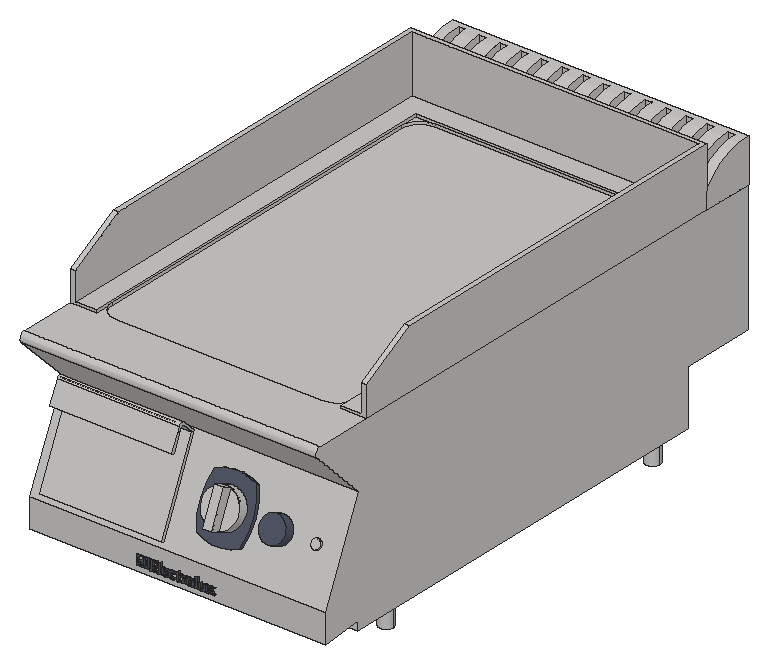
Revit family "QF_ELECTROLUXPROFESSIONAL_371411_E7IIKTAOMCI", category Attrezzature speciali, Revit 2018
Family settings
  Quota connettore circolare = Usa diametro
  Tipo di parte = Normale
  Basato su piano di lavoro = No
  Sempre verticale = Sì
  Taglio con vuoti quando caricato = No
  Condiviso = No
  Punto di calcolo locali = No
Parameters (values of type "Standard")
  Weight = 40.00 kg
  Watts = 0 W
  Volts = 0 V
  URL Manufacturer = "https://www.electroluxprofessional.com/"
  URL = "https://www.electroluxprofessional.com/"
  Steam Supply Size = 0"
  Steam Supply Minimum Pressure = 0.00 psi
  Steam Supply Maximum Pressure = 0.00 psi
  Steam Consumption per Hour = 0
  Show Logo [instance] = yes
  Show Clearance [instance] = yes
  Refrigeration Suction Line Size = 0 mm
  Refrigeration Liquid Line Size = 0 mm
  Refrigerant Compressor Remote = yes
  Phase = 0
  Modello = "E7IIKTAOMCI"
  Produttore = "Electrolux Professional"
  Length Actual = 400 mm  # constant formula
  Item Number = "371411"
  Hot Water Size = 0"
  Height Actual = 250 mm  # constant formula
  HP = "0 HP"
  Gas Size = 1/2"
  Gas KW = 7
  Gas Input Pressure = 0.234579 Btu/h
  Direct Waste Size = 0"
  Descrizione = "GAS FRY TOP-SMOOTH PLATE 400MM-BRUSHED CHROME - QMARK"
  Depth Actual = 730 mm  # constant formula
  Cycle = 0 Hz
  Condensate Return Size = 0"
  Compressed Air Volume = 0 GPM
  Compressed Air Size = 0"
  Compressed Air Pressure = 0.00 psi
  Cold Water Size = 0"
  Base Height [instance] = 23.813 mm  # constant formula
  Assembly Code = ""
  Accessory = yes
Values of the unnamed type that differ from the named types
  Weight = 0.00 kg
  URL Manufacturer = ""
  Item Number = ""
  HP = ""
  Gas KW = 0
  Gas Input Pressure = 0.0 Btu/h
Reference planes
  plane 1 "BACK": y = 0
  plane 2: z = 0
  plane 3 "LEFT": x = 0
  plane 4 "RIGHT": x = 400.05
  plane 5 "FRONT": y = -730.25
  plane 6 "TOP": z = 288.925
  plane 7 "Center Y": x = 200.025
  plane 8 "Center X": y = -365.125
  plane 9 "BASE": z = 23.813
  plane 10 "TOP A": z = 274.638
  plane 11: y = -597.884
  plane 12: y = -147.637
  plane 13: z = 355
Forms (mm)
  Extrusion 1, solid, material "QF_Finishes_Stainless Steel"
    sketch origin (0, 0, 0) x (0, 1, 0) y (0, 0, 1)
      loop
        line (0, 274.638) -> (-722.794, 274.638)
        arc (-722.794, 274.638) -> (-729.611, 270.083) -> (-728.011, 262.042) r 7.378
        line (-728.011, 262.042) -> (-657.416, 191.447) -> (-713.772, 69.003) -> (-713.772, 30.903) -> (-660.4, 36.513) -> (-660.4, 23.812) -> (-101.6, 23.812) -> (-101.6, 98.425) -> (0, 98.425) -> (0, 274.638)
    from 0 to 400.05
  Extrusion 2, void
    sketch origin (0, -2.381, 274.638) x (-1, 0, 0) y (0, -1, 0)
      loop
        arc (-60.425, 102.504) -> (-42.464, 109.943) -> (-35.025, 127.904) r 25.4
        line (-35.025, 127.904) -> (-35.025, 617.104)
        arc (-35.025, 617.104) -> (-42.464, 635.064) -> (-60.425, 642.504) r 25.4
        line (-60.425, 642.504) -> (-339.625, 642.504)
        arc (-339.625, 642.504) -> (-357.586, 635.064) -> (-365.025, 617.104) r 25.4
        line (-365.025, 617.104) -> (-365.025, 127.904)
        arc (-365.025, 127.904) -> (-357.586, 109.943) -> (-339.625, 102.504) r 25.4
        line (-339.625, 102.504) -> (-60.425, 102.504)
    from 0 to -3.2
  Extrusion 3, solid, material "QF_Finishes_Stainless Steel"
    sketch origin (0, 0, 0) x (1, 0, 0) y (0, 1, 0)
      loop
        circle (11.112, -147.638) r 9.525
      loop
        circle (11.112, -597.884) r 9.525
      loop
        circle (388.937, -147.638) r 9.525
      loop
        circle (388.937, -597.884) r 9.525
    from 0 to 23.813
  Extrusion 4, solid, material "QF_Finishes_Navy Blue", visible <- "Show Logo"
    sketch origin (-141.676, -713.772, 30.903) x (0, 0, 1) y (-1, 0, 0)
      loop
        line (20.674, -296.698) -> (8.307, -296.698)
        arc (8.307, -296.698) -> (14.491, -301.27) -> (20.674, -296.698) r 6.467
      loop
        arc (20.674, -296.069) -> (19.505, -290.926) -> (14.849, -288.448) r 6.338
        line (14.849, -288.448) -> (14.849, -290.494)
        arc (14.849, -290.494) -> (16.333, -294.149) -> (19.778, -296.069) r 5.941
        line (19.778, -296.069) -> (20.674, -296.069)
      loop
        arc (9.203, -296.069) -> (12.648, -294.149) -> (14.132, -290.494) r 5.941
        line (14.132, -290.494) -> (14.132, -288.448)
        arc (14.132, -288.448) -> (9.438, -290.922) -> (8.148, -296.069) r 6.504
        line (8.148, -296.069) -> (9.203, -296.069)
      loop
        line (21.349, -287.979) -> (7.604, -287.979) -> (7.604, -301.742) -> (21.349, -301.742) -> (21.349, -287.979)
      loop
        arc (21.432, -304.71) -> (21.085, -304.352) -> (20.718, -304.69) r 0.358
        arc (20.718, -304.69) -> (20.404, -305.44) -> (19.687, -305.825) r 1.216
        line (19.687, -305.825) -> (9.274, -305.825)
        arc (9.274, -305.825) -> (8.614, -305.548) -> (8.218, -304.951) r 1.238
        arc (8.218, -304.951) -> (7.823, -304.7) -> (7.518, -305.054) r 0.358
        line (7.518, -305.054) -> (7.518, -314.933) -> (10.269, -314.933) -> (10.269, -314.036)
        arc (10.269, -314.036) -> (9.36, -313.456) -> (8.904, -312.479) r 1.928
        line (8.904, -312.479) -> (8.904, -309.98)
        arc (8.904, -309.98) -> (9.18, -309.251) -> (9.868, -308.887) r 1.101
        line (9.868, -308.887) -> (13.955, -308.887) -> (13.955, -312.561)
        arc (13.955, -312.561) -> (13.602, -313.058) -> (13.037, -313.286) r 1.083
        arc (13.037, -313.286) -> (12.773, -313.591) -> (13.065, -313.869) r 0.292
        line (13.065, -313.869) -> (16.028, -313.869)
        arc (16.028, -313.869) -> (16.33, -313.596) -> (16.092, -313.266) r 0.305
        arc (16.092, -313.266) -> (15.601, -313.018) -> (15.296, -312.561) r 1.083
        line (15.296, -312.561) -> (15.296, -308.887) -> (19.973, -308.887) -> (19.973, -312.635)
        arc (19.973, -312.635) -> (19.759, -313.39) -> (19.153, -313.888) r 1.314
        arc (19.153, -313.888) -> (18.934, -314.292) -> (19.288, -314.585) r 0.361
        line (19.288, -314.585) -> (21.432, -314.585) -> (21.432, -304.71)
      loop
        arc (20.715, -315.365) -> (20.335, -316.284) -> (19.416, -316.664) r 1.299
        line (19.416, -316.664) -> (9.837, -316.664)
        arc (9.837, -316.664) -> (8.999, -316.286) -> (8.728, -315.408) r 1.118
        line (8.728, -315.408) -> (7.518, -315.408) -> (7.518, -320.758) -> (8.706, -320.758)
        arc (8.706, -320.758) -> (8.978, -319.841) -> (9.848, -319.445) r 1.153
        line (9.848, -319.445) -> (21.92, -319.445) -> (20.715, -315.365)
      loop
        line (12.483, -323.394) -> (12.483, -329.842) -> (13.282, -329.842)
        arc (13.282, -329.842) -> (15.862, -328.857) -> (17.131, -326.404) r 3.874
        line (17.131, -326.404) -> (17.131, -324.643)
        arc (17.131, -324.643) -> (15.944, -321.778) -> (13.08, -320.592) r 4.051
        line (13.08, -320.592) -> (11.072, -320.592)
        arc (11.072, -320.592) -> (8.253, -322.077) -> (7.202, -325.084) r 4.352
        arc (7.202, -325.084) -> (7.566, -327.547) -> (8.943, -329.621) r 5.713
        line (8.943, -329.621) -> (9.892, -329.621)
        arc (9.892, -329.621) -> (9.16, -328.052) -> (8.943, -326.334) r 5.579
        arc (8.943, -326.334) -> (9.737, -324.371) -> (11.616, -323.394) r 3.057
        line (11.616, -323.394) -> (12.483, -323.394)
      loop
        line (13.742, -323.394) -> (13.742, -326.977)
        arc (13.742, -326.977) -> (15.199, -327.024) -> (16.082, -325.864) r 1.59
        line (16.082, -325.864) -> (16.082, -325.034)
        arc (16.082, -325.034) -> (15.217, -323.779) -> (13.742, -323.394) r 2.184
      loop
        arc (16.533, -339.259) -> (17.022, -337.585) -> (17.179, -335.848) r 9.023
        line (17.179, -335.848) -> (17.179, -334.486)
        arc (17.179, -334.486) -> (16.02, -331.686) -> (13.22, -330.527) r 3.959
        line (13.22, -330.527) -> (10.62, -330.527)
        arc (10.62, -330.527) -> (8.338, -331.819) -> (7.221, -334.192) r 4.331
        line (7.221, -334.192) -> (7.221, -336.327)
        arc (7.221, -336.327) -> (7.729, -337.877) -> (8.651, -339.223) r 5.772
        arc (8.651, -339.223) -> (9.412, -339.274) -> (9.499, -338.515) r 0.553
        arc (9.499, -338.515) -> (9.111, -337.781) -> (8.977, -336.962) r 2.573
        line (8.977, -336.962) -> (8.977, -335.447)
        arc (8.977, -335.447) -> (9.983, -333.806) -> (11.798, -333.163) r 2.884
        line (11.798, -333.163) -> (13.077, -333.163)
        arc (13.077, -333.163) -> (14.898, -333.723) -> (15.824, -335.388) r 2.554
        line (15.824, -335.388) -> (15.824, -336.441)
        arc (15.824, -336.441) -> (15.493, -337.369) -> (14.836, -338.104) r 2.564
        arc (14.836, -338.104) -> (14.614, -338.821) -> (15.223, -339.259) r 0.643
        line (15.223, -339.259) -> (16.533, -339.259)
      loop
        line (15.515, -339.53) -> (15.515, -341.031) -> (9.467, -341.031)
        arc (9.467, -341.031) -> (7.879, -341.688) -> (7.221, -343.276) r 2.246
        line (7.221, -343.276) -> (7.221, -344.86)
        arc (7.221, -344.86) -> (7.535, -345.725) -> (8.035, -346.496) r 4.06
        arc (8.035, -346.496) -> (8.768, -346.629) -> (9.019, -345.928) r 0.576
        arc (9.019, -345.928) -> (8.913, -345.403) -> (8.977, -344.87) r 1.69
        arc (8.977, -344.87) -> (9.519, -344.082) -> (10.425, -343.779) r 1.506
        line (10.425, -343.779) -> (15.563, -343.779) -> (15.563, -346.176) -> (16.119, -346.733) -> (16.941, -346.733) -> (16.941, -343.873) -> (20.172, -343.873) -> (15.515, -339.53)
      loop
        line (7.438, -347.63) -> (7.438, -353.017) -> (8.548, -353.017)
        arc (8.548, -353.017) -> (8.942, -352.066) -> (9.893, -351.672) r 1.345
        line (9.893, -351.672) -> (13.509, -351.672)
        arc (13.509, -351.672) -> (14.274, -352.264) -> (14.564, -353.186) r 1.615
        line (14.564, -353.186) -> (14.564, -354.742) -> (17.119, -355.427) -> (17.119, -354.044) -> (15.177, -351.485) -> (17.057, -351.485) -> (16.773, -348.779)
        arc (16.773, -348.779) -> (16.333, -348.249) -> (15.674, -348.45) r 0.621
        arc (15.674, -348.45) -> (15.274, -348.792) -> (14.78, -348.975) r 1.501
        line (14.78, -348.975) -> (9.893, -348.975)
        arc (9.893, -348.975) -> (8.942, -348.581) -> (8.548, -347.63) r 1.345
        line (8.548, -347.63) -> (7.438, -347.63)
      loop
        line (13.54, -354.964) -> (10.848, -354.964)
        arc (10.848, -354.964) -> (8.403, -356.272) -> (7.269, -358.803) r 4.288
        arc (7.269, -358.803) -> (7.205, -360.183) -> (7.269, -361.563) r 15.022
        arc (7.269, -361.563) -> (8.403, -364.094) -> (10.848, -365.401) r 4.288
        line (10.848, -365.401) -> (13.54, -365.401)
        arc (13.54, -365.401) -> (15.986, -364.094) -> (17.119, -361.563) r 4.288
        arc (17.119, -361.563) -> (17.183, -360.183) -> (17.119, -358.803) r 15.022
        arc (17.119, -358.803) -> (15.986, -356.272) -> (13.54, -354.964) r 4.288
      loop
        line (13.745, -358.078) -> (10.643, -358.078)
        arc (10.643, -358.078) -> (8.486, -360.235) -> (10.643, -362.392) r 2.157
        line (10.643, -362.392) -> (13.745, -362.392)
        arc (13.745, -362.392) -> (15.902, -360.235) -> (13.745, -358.078) r 2.157
      loop
        arc (20.726, -365.26) -> (20.355, -366.154) -> (19.461, -366.524) r 1.264
        line (19.461, -366.524) -> (9.597, -366.524)
        arc (9.597, -366.524) -> (8.727, -366.127) -> (8.455, -365.211) r 1.153
        line (8.455, -365.211) -> (7.518, -365.211) -> (7.518, -370.319) -> (8.446, -370.319)
        arc (8.446, -370.319) -> (8.805, -369.547) -> (9.597, -369.232) r 1.153
        line (9.597, -369.232) -> (21.92, -369.232) -> (20.726, -365.26)
      loop
        arc (15.846, -369.857) -> (15.647, -370.921) -> (14.678, -371.403) r 1.215
        line (14.678, -371.403) -> (9.658, -371.403)
        arc (9.658, -371.403) -> (8.043, -372.051) -> (7.322, -373.634) r 2.338
        line (7.322, -373.634) -> (7.322, -375.148)
        arc (7.322, -375.148) -> (7.497, -376.152) -> (7.999, -377.038) r 2.979
        line (7.999, -377.038) -> (7.518, -378.835) -> (7.518, -380.524) -> (16.943, -380.524) -> (16.649, -376.32) -> (15.863, -376.32)
        arc (15.863, -376.32) -> (15.507, -377.156) -> (14.755, -377.665) r 1.605
        line (14.755, -377.665) -> (9.652, -377.665)
        arc (9.652, -377.665) -> (9.232, -376.728) -> (9.159, -375.704) r 2.94
        arc (9.159, -375.704) -> (9.72, -374.603) -> (10.873, -374.16) r 1.724
        line (10.873, -374.16) -> (17.07, -374.16) -> (15.846, -369.857)
      loop
        line (16.874, -381.377) -> (15.202, -383.423) -> (12.028, -385.729) -> (8.572, -382.617)
        arc (8.572, -382.617) -> (8.335, -382.223) -> (8.357, -381.764) r 0.789
        line (8.357, -381.764) -> (7.518, -381.764) -> (7.518, -385.309) -> (8.344, -385.309)
        arc (8.344, -385.309) -> (8.686, -384.947) -> (9.176, -385.039) r 0.52
        line (9.176, -385.039) -> (10.976, -386.51) -> (8.858, -387.886)
        arc (8.858, -387.886) -> (8.457, -387.576) -> (8.37, -387.076) r 0.7
        line (8.37, -387.076) -> (7.518, -387.076) -> (7.518, -393.003) -> (8.405, -393.003)
        arc (8.405, -393.003) -> (8.472, -392.344) -> (8.866, -391.813) r 1.247
        line (8.866, -391.813) -> (13.066, -388.532) -> (15.513, -390.585) -> (16.874, -392.327) -> (16.874, -388.604) -> (15.389, -389.026) -> (13.868, -387.749) -> (15.568, -386.559) -> (16.874, -387.336) -> (16.874, -381.377)
    from 0 to 1.644
  Extrusion 5, solid, material "QF_Finishes_Stainless Steel"
    sketch origin (0, -101.6, 101.6) x (0, 0, -1) y (-1, 0, 0)
      loop
        circle (43.882, -347.663) r 6.35
    from 0 to 3.175
  Extrusion 6, solid, material "QF_Finishes_Clearance", visible <- "Show Clearance", detail levels coarse
    sketch origin (0, 0, 0) x (1, 0, 0) y (0, 1, 0)
      loop
        line (0, -730.25) -> (0, 0) -> (400.05, 0) -> (400.05, -730.25) -> (550.069, -730.25) -> (550.069, 150.019) -> (-150.019, 150.019) -> (-150.019, -730.25) -> (0, -730.25)
    from 0 to 355
  Extrusion 7, solid, material "QF_Finishes_Stainless Steel"
    sketch origin (0, 0, 0) x (0, 1, 0) y (0, 0, 1)
      loop
        line (-658.831, 188.372) -> (-675.238, 204.778)
        arc (-675.238, 204.778) -> (-679.705, 206.181) -> (-683.409, 203.316) r 5.058
        line (-683.409, 203.316) -> (-696.071, 175.806) -> (-693.187, 174.479) -> (-680.525, 201.989)
        arc (-680.525, 201.989) -> (-679.146, 203.055) -> (-677.483, 202.533) r 1.883
        line (-677.483, 202.533) -> (-662.64, 187.69) -> (-713.474, 77.245) -> (-710.589, 75.918) -> (-658.831, 188.372)
    from 12.7 to 177.8
  Extrusion 8, solid, material "QF_Finishes_Drawer Clearance", visible <- "Show Clearance", detail levels coarse
    sketch origin (0, -101.6, 0) x (0, 1, 0) y (0, 0, 1)
      loop
        line (-660.751, 174.479) -> (-648.089, 201.989)
        arc (-648.089, 201.989) -> (-646.71, 203.055) -> (-645.046, 202.533) r 1.883
        line (-645.046, 202.533) -> (-630.204, 187.69) -> (-681.037, 77.245) -> (-678.153, 75.918) -> (-608.989, 75.918) -> (-557.231, 188.372) -> (-573.638, 204.778)
        arc (-573.638, 204.778) -> (-574.873, 205.685) -> (-576.323, 206.181) r 5.058
        line (-576.323, 206.181) -> (-647.269, 206.181)
        arc (-647.269, 206.181) -> (-649.472, 205.203) -> (-650.973, 203.316) r 5.058
        line (-650.973, 203.316) -> (-663.635, 175.806) -> (-660.751, 174.479)
    from 12.7 to 177.8
  Extrusion 9, solid, material "QF_Finishes_Stainless Steel"
    sketch origin (0, 0, 0) x (0, 1, 0) y (0, 0, 1)
      loop
        line (0, 274.638) -> (0, 333.375)
        arc (0, 333.375) -> (-38.879, 324.991) -> (-69.85, 300.038) r 86.156
        line (-69.85, 300.038) -> (-69.85, 274.638) -> (0, 274.638)
    from 0 to 400.05
  Extrusion 10, void
    sketch origin (0, 0, 274.638) x (-1, 0, 0) y (0, -1, 0)
      loop
        line (-13.453, 6.761) -> (-13.453, 63.911) -> (-22.749, 63.911) -> (-22.749, 6.761) -> (-13.453, 6.761)
    from 25.4 to 63.5
  Extrusion 11, void
    sketch origin (400.05, 0, 274.638) x (1, 0, 0) y (0, 1, 0)
      loop
        line (-13.453, -6.761) -> (-22.749, -6.761) -> (-22.749, -63.911) -> (-13.453, -63.911) -> (-13.453, -6.761)
    from 25.4 to 63.5
  Extrusion 12, void
    sketch origin (27.988, 0, 274.638) x (-1, 0, 0) y (0, -1, 0)
      loop
        line (-13.453, 6.761) -> (-13.453, 63.911) -> (-22.749, 63.911) -> (-22.749, 6.761) -> (-13.453, 6.761)
    from 25.4 to 63.5
  Extrusion 13, void
    sketch origin (55.977, 0, 274.638) x (-1, 0, 0) y (0, -1, 0)
      loop
        line (-13.453, 6.761) -> (-13.453, 63.911) -> (-22.749, 63.911) -> (-22.749, 6.761) -> (-13.453, 6.761)
    from 25.4 to 63.5
  Extrusion 14, void
    sketch origin (83.965, 0, 274.638) x (-1, 0, 0) y (0, -1, 0)
      loop
        line (-13.453, 6.761) -> (-13.453, 63.911) -> (-22.749, 63.911) -> (-22.749, 6.761) -> (-13.453, 6.761)
    from 25.4 to 63.5
  Extrusion 15, void
    sketch origin (111.953, 0, 274.638) x (-1, 0, 0) y (0, -1, 0)
      loop
        line (-13.453, 6.761) -> (-13.453, 63.911) -> (-22.749, 63.911) -> (-22.749, 6.761) -> (-13.453, 6.761)
    from 25.4 to 63.5
  Extrusion 16, void
    sketch origin (139.942, 0, 274.638) x (-1, 0, 0) y (0, -1, 0)
      loop
        line (-13.453, 6.761) -> (-13.453, 63.911) -> (-22.749, 63.911) -> (-22.749, 6.761) -> (-13.453, 6.761)
    from 25.4 to 63.5
  Extrusion 17, void
    sketch origin (167.93, 0, 274.638) x (-1, 0, 0) y (0, -1, 0)
      loop
        line (-13.453, 6.761) -> (-13.453, 63.911) -> (-22.749, 63.911) -> (-22.749, 6.761) -> (-13.453, 6.761)
    from 25.4 to 63.5
  Extrusion 18, void
    sketch origin (195.918, 0, 274.638) x (-1, 0, 0) y (0, -1, 0)
      loop
        line (-13.453, 6.761) -> (-13.453, 63.911) -> (-22.749, 63.911) -> (-22.749, 6.761) -> (-13.453, 6.761)
    from 25.4 to 63.5
  Extrusion 19, void
    sketch origin (223.907, 0, 274.638) x (-1, 0, 0) y (0, -1, 0)
      loop
        line (-13.453, 6.761) -> (-13.453, 63.911) -> (-22.749, 63.911) -> (-22.749, 6.761) -> (-13.453, 6.761)
    from 25.4 to 63.5
  Extrusion 20, void
    sketch origin (251.895, 0, 274.638) x (-1, 0, 0) y (0, -1, 0)
      loop
        line (-13.453, 6.761) -> (-13.453, 63.911) -> (-22.749, 63.911) -> (-22.749, 6.761) -> (-13.453, 6.761)
    from 25.4 to 63.5
  Extrusion 21, void
    sketch origin (279.884, 0, 274.638) x (-1, 0, 0) y (0, -1, 0)
      loop
        line (-13.453, 6.761) -> (-13.453, 63.911) -> (-22.749, 63.911) -> (-22.749, 6.761) -> (-13.453, 6.761)
    from 25.4 to 63.5
  Extrusion 22, void
    sketch origin (307.872, 0, 274.638) x (-1, 0, 0) y (0, -1, 0)
      loop
        line (-13.453, 6.761) -> (-13.453, 63.911) -> (-22.749, 63.911) -> (-22.749, 6.761) -> (-13.453, 6.761)
    from 25.4 to 63.5
  Extrusion 23, void
    sketch origin (335.86, 0, 274.638) x (-1, 0, 0) y (0, -1, 0)
      loop
        line (-13.453, 6.761) -> (-13.453, 63.911) -> (-22.749, 63.911) -> (-22.749, 6.761) -> (-13.453, 6.761)
    from 25.4 to 63.5
  Sweep 24, solid, material "QF_Finishes_Stainless Steel"
    path origin (0, -2.381, 274.638) x (-1, 0, 0) y (0, -1, 0)
      loop
        line (-365.025, 642.504) -> (-365.025, 102.504) -> (-35.025, 102.504) -> (-35.025, 642.504)
    profile origin (35.025, -374.885, 274.638) x (1, 0, 0) y (0, 0, 1)
      loop
        line (-35.025, 0) -> (0, 0) -> (0, 3.175) -> (-28.675, 3.175) -> (-28.675, 80.363) -> (-35.025, 80.362) -> (-35.025, 0)
  Extrusion 25, void
    sketch origin (0, -69.86, 274.638) x (0, 1, 0) y (0, 0, 1)
      loop
        line (-575.025, 40.481) -> (-501.995, 80.363) -> (-575.025, 80.363) -> (-575.025, 40.481)
    from 0 to 6.35
  Extrusion 26, void
    sketch origin (400.05, -644.885, 274.638) x (0, -1, 0) y (0, 0, 1)
      loop
        line (0, 40.481) -> (0, 80.362) -> (-73.03, 80.362) -> (0, 40.481)
    from 0 to 6.35
  Extrusion 27, solid, material "QF_Finishes_Navy Blue"
    sketch origin (85.294, -713.772, 69.003) x (0, 0.418102, 0.9084) y (-1, 0, 0)
      loop
        arc (102.623, -132.62) -> (67.041, -124.996) -> (31.333, -132.003) r 90.5
        arc (31.333, -132.003) -> (24.507, -161.19) -> (31.333, -190.378) r 65.817
        arc (31.333, -190.378) -> (67.04, -197.338) -> (102.623, -189.765) r 91.066
        arc (102.623, -189.765) -> (109.179, -161.193) -> (102.623, -132.62) r 65.546
    from 0 to 3.175
  Extrusion 28, solid, material "QF_Finishes_Stainless Steel"
    sketch origin (85.294, -717.485, 68.529) x (0, 0.418102, 0.9084) y (-1, 0, 0)
      loop
        circle (68.826, -160.963) r 25.4
    from 0 to 12.7
  Extrusion 29, solid, material "QF_Finishes_Stainless Steel"
    sketch origin (85.294, -729.022, 73.839) x (0, 0.418102, 0.9084) y (-1, 0, 0)
      loop
        arc (93.558, -166.749) -> (94.226, -160.963) -> (93.558, -155.177) r 25.4
        line (93.558, -155.177) -> (44.094, -155.177)
        arc (44.094, -155.177) -> (43.426, -160.963) -> (44.094, -166.749) r 25.4
        line (44.094, -166.749) -> (93.558, -166.749)
    from 0 to 12.7
  Extrusion 30, solid, material "QF_Finishes_Navy Blue"
    sketch origin (0, -713.772, 69.003) x (0, 0.418102, 0.9084) y (-1, 0, 0)
      loop
        circle (65.471, -315.169) r 17.78
    from 0 to 12.7
  Extrusion 31, solid, material "QF_Finishes_Stainless Steel"
    sketch origin (0, -713.772, 69.003) x (0, 0.418102, 0.9084) y (-1, 0, 0)
      loop
        circle (65.471, -365.969) r 6.35
    from 0 to 1.588
Cuts and joins
  Extrusion 2 cuts Extrusion 1
  Extrusion 10, Extrusion 11, Extrusion 12, Extrusion 13, Extrusion 14, Extrusion 15, Extrusion 16, Extrusion 17, Extrusion 18, Extrusion 19, Extrusion 20, Extrusion 21, Extrusion 22, Extrusion 23 cuts Extrusion 9
  Extrusion 25, Extrusion 26 cuts Sweep 24
Lines and regions (mm)
  symbolic lines, style "QF-Clearances", visible <- "Show Clearance", detail levels coarse
    curve 1: line (-150.019, 150.019, 274.638) -> (-150.019, -730.25, 274.638)
    curve 2: line (550.069, 150.019, 274.638) -> (-150.019, 150.019, 274.638)
    curve 3: line (550.069, -731.627, 274.638) -> (550.069, 150.019, 274.638)
  symbolic lines
    curve 4: line (0, 0, 274.638) -> (400.05, 0, 274.638)
    curve 5: line (0, -730.25, 274.638) -> (0, 0, 274.638)
    curve 6: line (400.05, 0, 274.638) -> (400.05, -730.25, 274.638)
    curve 7: line (35.025, -130.285, 274.638) -> (35.025, -644.885, 274.638)
    curve 8: arc (35.025, -619.485, 274.638) -> (42.464, -637.445, 274.638) -> (60.425, -644.885, 274.638) r 25.4
    curve 9: line (0, -644.885, 274.638) -> (35.025, -644.885, 274.638)
    curve 10: arc (339.625, -644.885, 274.638) -> (357.586, -637.445, 274.638) -> (365.025, -619.485, 274.638) r 25.4
    curve 11: line (365.025, -644.885, 274.638) -> (365.025, -130.285, 274.638)
    curve 12: line (339.625, -104.885, 274.638) -> (60.425, -104.885, 274.638)
    curve 13: line (0, -69.85, 274.638) -> (400.05, -69.85, 274.638)
    curve 14: line (400.05, -730.25, 274.638) -> (0, -730.25, 274.638)
    curve 15: arc (60.425, -104.885, 274.638) -> (42.464, -112.324, 274.638) -> (35.025, -130.285, 274.638) r 25.4
    curve 16: arc (339.625, -104.885, 274.638) -> (357.586, -112.324, 274.638) -> (365.025, -130.285, 274.638) r 25.4
    curve 17: line (6.35, -76.21, 274.638) -> (6.35, -644.885, 274.638)
    curve 18: line (6.35, -76.21, 274.638) -> (393.7, -76.21, 274.638)
    curve 19: line (393.7, -76.21, 274.638) -> (393.7, -644.885, 274.638)
    curve 20: line (13.453, -6.761, 274.638) -> (22.749, -6.761, 274.638)
    curve 21: line (13.453, -63.911, 274.638) -> (13.453, -6.761, 274.638)
    curve 22: line (22.749, -63.911, 274.638) -> (13.453, -63.911, 274.638)
    curve 23: line (22.749, -6.761, 274.638) -> (22.749, -63.911, 274.638)
    curve 24: line (41.441, -6.761, 274.638) -> (50.737, -6.761, 274.638)
    curve 25: line (41.441, -63.911, 274.638) -> (41.441, -6.761, 274.638)
    curve 26: line (50.737, -63.911, 274.638) -> (41.441, -63.911, 274.638)
    curve 27: line (50.737, -6.761, 274.638) -> (50.737, -63.911, 274.638)
    curve 28: line (69.43, -6.761, 274.638) -> (78.725, -6.761, 274.638)
    curve 29: line (69.43, -63.911, 274.638) -> (69.43, -6.761, 274.638)
    curve 30: line (78.725, -63.911, 274.638) -> (69.43, -63.911, 274.638)
    curve 31: line (78.725, -6.761, 274.638) -> (78.725, -63.911, 274.638)
    curve 32: line (97.418, -6.761, 274.638) -> (106.714, -6.761, 274.638)
    curve 33: line (97.418, -63.911, 274.638) -> (97.418, -6.761, 274.638)
    curve 34: line (106.714, -63.911, 274.638) -> (97.418, -63.911, 274.638)
    curve 35: line (106.714, -6.761, 274.638) -> (106.714, -63.911, 274.638)
    curve 36: line (125.406, -6.761, 274.638) -> (134.702, -6.761, 274.638)
    curve 37: line (125.406, -63.911, 274.638) -> (125.406, -6.761, 274.638)
    curve 38: line (134.702, -63.911, 274.638) -> (125.406, -63.911, 274.638)
    curve 39: line (134.702, -6.761, 274.638) -> (134.702, -63.911, 274.638)
    curve 40: line (153.395, -6.761, 274.638) -> (162.69, -6.761, 274.638)
    curve 41: line (153.395, -63.911, 274.638) -> (153.395, -6.761, 274.638)
    curve 42: line (162.69, -63.911, 274.638) -> (153.395, -63.911, 274.638)
    curve 43: line (162.69, -6.761, 274.638) -> (162.69, -63.911, 274.638)
    curve 44: line (181.383, -6.761, 274.638) -> (190.679, -6.761, 274.638)
    curve 45: line (181.383, -63.911, 274.638) -> (181.383, -6.761, 274.638)
    curve 46: line (190.679, -63.911, 274.638) -> (181.383, -63.911, 274.638)
    curve 47: line (190.679, -6.761, 274.638) -> (190.679, -63.911, 274.638)
    curve 48: line (209.371, -6.761, 274.638) -> (218.667, -6.761, 274.638)
    curve 49: line (209.371, -63.911, 274.638) -> (209.371, -6.761, 274.638)
    curve 50: line (218.667, -63.911, 274.638) -> (209.371, -63.911, 274.638)
    curve 51: line (218.667, -6.761, 274.638) -> (218.667, -63.911, 274.638)
    curve 52: line (237.36, -6.761, 274.638) -> (246.655, -6.761, 274.638)
    curve 53: line (237.36, -63.911, 274.638) -> (237.36, -6.761, 274.638)
    curve 54: line (246.655, -63.911, 274.638) -> (237.36, -63.911, 274.638)
    curve 55: line (246.655, -6.761, 274.638) -> (246.655, -63.911, 274.638)
    curve 56: line (265.348, -6.761, 274.638) -> (274.644, -6.761, 274.638)
    curve 57: line (265.348, -63.911, 274.638) -> (265.348, -6.761, 274.638)
    curve 58: line (274.644, -63.911, 274.638) -> (265.348, -63.911, 274.638)
    curve 59: line (274.644, -6.761, 274.638) -> (274.644, -63.911, 274.638)
    curve 60: line (293.336, -6.761, 274.638) -> (302.632, -6.761, 274.638)
    curve 61: line (293.336, -63.911, 274.638) -> (293.336, -6.761, 274.638)
    curve 62: line (302.632, -63.911, 274.638) -> (293.336, -63.911, 274.638)
    curve 63: line (302.632, -6.761, 274.638) -> (302.632, -63.911, 274.638)
    curve 64: line (321.325, -6.761, 274.638) -> (330.62, -6.761, 274.638)
    curve 65: line (321.325, -63.911, 274.638) -> (321.325, -6.761, 274.638)
    curve 66: line (330.62, -63.911, 274.638) -> (321.325, -63.911, 274.638)
    curve 67: line (330.62, -6.761, 274.638) -> (330.62, -63.911, 274.638)
    curve 68: line (349.313, -6.761, 274.638) -> (358.609, -6.761, 274.638)
    curve 69: line (349.313, -63.911, 274.638) -> (349.313, -6.761, 274.638)
    curve 70: line (358.609, -63.911, 274.638) -> (349.313, -63.911, 274.638)
    curve 71: line (358.609, -6.761, 274.638) -> (358.609, -63.911, 274.638)
    curve 72: line (377.301, -6.761, 274.638) -> (386.597, -6.761, 274.638)
    curve 73: line (377.301, -63.911, 274.638) -> (377.301, -6.761, 274.638)
    curve 74: line (386.597, -63.911, 274.638) -> (377.301, -63.911, 274.638)
    curve 75: line (386.597, -6.761, 274.638) -> (386.597, -63.911, 274.638)
    curve 76: line (365.025, -644.885, 274.638) -> (400.05, -644.885, 274.638)
    curve 77: line (60.425, -644.885, 274.638) -> (339.625, -644.885, 274.638)
  symbolic lines, style "QF_Drawer Clearance"
    curve 78: line (12.7, -730.25, 0) -> (12.7, -782.637, 0)
    curve 79: line (12.7, -782.637, 0) -> (177.8, -782.637, 0)
    curve 80: line (177.8, -782.637, 0) -> (177.8, -730.25, 0)
Dimensions and locks
  equal spacing: plane 3 "LEFT", plane 7 "Center Y", plane 4 "RIGHT"
  plane 3 "LEFT" to plane 4 "RIGHT" = 400.05 mm
  equal spacing: plane 5 "FRONT", plane 8 "Center X", plane 1 "BACK"
  plane 5 "FRONT" to plane 1 "BACK" = 730.25 mm
  plane 1 "BACK" to plane 5 "FRONT" = 730.25 mm
  "Base Height": plane 9 "BASE" to level
  locked: plane 10 "TOP A" to plane 9 "BASE" at 250.825
  plane 4 "RIGHT" to Extrusion 5 sketch curve = 52.388 mm
  Sweep 24 sketch curve to level = 355 mm
  plane 10 "TOP A" to plane 9 "BASE" = 250.825 mm
  plane 9 "BASE" to level = 23.813 mm
  plane 9 "BASE" to cut or joined group of Extrusion 1, Extrusion 2 = 74.612 mm
  plane 13 to level = 355 mm
  Extrusion 5 sketch curve to plane 9 "BASE" = 33.906 mm
  aligned and locked: level to plane 2
  aligned and locked: plane 4 "RIGHT" to Extrusion 1
  aligned and locked: plane 9 "BASE" to Extrusion 3
  aligned: plane 6 "TOP" to Extrusion 6
  aligned and locked: Extrusion 6 to plane 13
Automatic sketch dimensions
  plane 1 "BACK" to Extrusion 14 sketch curve = 6.761 mm
  Extrusion 14 sketch curve to plane 7 "Center Y" = 93.311 mm
  Extrusion 14 sketch curve to Extrusion 14 sketch curve = 9.296 mm
  Extrusion 14 sketch curve to Extrusion 14 sketch curve = 57.15 mm
  plane 1 "BACK" to Extrusion 15 sketch curve = 6.761 mm
  Extrusion 15 sketch curve to plane 7 "Center Y" = 65.323 mm
  Extrusion 15 sketch curve to Extrusion 15 sketch curve = 9.296 mm
  Extrusion 15 sketch curve to Extrusion 15 sketch curve = 57.15 mm
  plane 1 "BACK" to Extrusion 16 sketch curve = 6.761 mm
  Extrusion 16 sketch curve to plane 7 "Center Y" = 37.335 mm
  Extrusion 16 sketch curve to Extrusion 16 sketch curve = 9.296 mm
  Extrusion 16 sketch curve to Extrusion 16 sketch curve = 57.15 mm
  Extrusion 17 sketch curve to plane 7 "Center Y" = 9.346 mm
  Extrusion 17 sketch curve to Extrusion 17 sketch curve = 9.296 mm
  plane 1 "BACK" to Extrusion 17 sketch curve = 6.761 mm
  Extrusion 17 sketch curve to Extrusion 17 sketch curve = 57.15 mm
  plane 1 "BACK" to Extrusion 18 sketch curve = 6.761 mm
  plane 7 "Center Y" to Extrusion 18 sketch curve = 18.642 mm
  Extrusion 18 sketch curve to Extrusion 18 sketch curve = 9.296 mm
  Extrusion 18 sketch curve to Extrusion 18 sketch curve = 57.15 mm
  plane 1 "BACK" to Extrusion 19 sketch curve = 6.761 mm
  plane 7 "Center Y" to Extrusion 19 sketch curve = 46.63 mm
  Extrusion 19 sketch curve to Extrusion 19 sketch curve = 9.296 mm
  Extrusion 19 sketch curve to Extrusion 19 sketch curve = 57.15 mm
  plane 1 "BACK" to Extrusion 20 sketch curve = 6.761 mm
  plane 7 "Center Y" to Extrusion 20 sketch curve = 74.619 mm
  Extrusion 20 sketch curve to Extrusion 20 sketch curve = 9.296 mm
  Extrusion 20 sketch curve to Extrusion 20 sketch curve = 57.15 mm
  Extrusion 2 sketch curve to plane 4 "RIGHT" = 35.025 mm
  Extrusion 2 sketch curve to Extrusion 2 sketch curve = 25.4 mm  (x3)
  Extrusion 2 sketch curve to plane 12 = 17.353 mm
  plane 3 "LEFT" to Extrusion 2 sketch curve = 60.425 mm  (x2)
  plane 11 to Extrusion 2 sketch curve = 21.6 mm
  plane 11 to Extrusion 3 sketch curve = 0 mm  (x2)
  plane 12 to Extrusion 3 sketch curve = 0 mm  (x2)
  plane 3 "LEFT" to Extrusion 3 sketch curve = 11.112 mm  (x2)
  Extrusion 3 sketch curve to plane 4 "RIGHT" = 11.113 mm  (x2)
  Extrusion 4 sketch curve to Extrusion 1 = 2.161 mm
  Extrusion 4 sketch curve to Extrusion 1 = 7.202 mm
  Extrusion 4 sketch curve to Extrusion 1 = 7.221 mm  (x2)
  Extrusion 4 sketch curve to Extrusion 4 sketch curve = 5.108 mm  (x2)
  Extrusion 4 sketch curve to Extrusion 4 sketch curve = 0 mm  (x27)
  Extrusion 4 sketch curve to Extrusion 1 = 7.322 mm
  Extrusion 4 sketch curve to Extrusion 4 sketch curve = 0.218 mm
  Extrusion 4 sketch curve to Extrusion 4 sketch curve = 0.195 mm
  Extrusion 4 sketch curve to Extrusion 4 sketch curve = 0.249 mm
  Extrusion 4 sketch curve to Extrusion 1 = 7.518 mm
  Extrusion 4 sketch curve to Extrusion 4 sketch curve = 0.087 mm
  Extrusion 4 sketch curve to Extrusion 4 sketch curve = 0.358 mm
  Extrusion 4 sketch curve to Extrusion 4 sketch curve = 0.481 mm
  Extrusion 4 sketch curve to Extrusion 4 sketch curve = 0.597 mm
  Extrusion 4 sketch curve to Extrusion 4 sketch curve = 0.544 mm
  Extrusion 4 sketch curve to Extrusion 4 sketch curve = 0.936 mm
  Extrusion 4 sketch curve to Extrusion 4 sketch curve = 0.594 mm
  Extrusion 4 sketch curve to Extrusion 4 sketch curve = 0.343 mm
  Extrusion 4 sketch curve to Extrusion 4 sketch curve = 0.159 mm
  Extrusion 4 sketch curve to Extrusion 4 sketch curve = 0.826 mm
  Extrusion 4 sketch curve to Extrusion 4 sketch curve = 0.839 mm
  Extrusion 4 sketch curve to Extrusion 4 sketch curve = 0.852 mm
  Extrusion 4 sketch curve to Extrusion 4 sketch curve = 0.887 mm
  Extrusion 4 sketch curve to Extrusion 4 sketch curve = 0.928 mm
  Extrusion 4 sketch curve to Extrusion 4 sketch curve = 0.938 mm
  Extrusion 4 sketch curve to Extrusion 4 sketch curve = 0.444 mm
  Extrusion 4 sketch curve to Extrusion 4 sketch curve = 1.11 mm  (x3)
  Extrusion 4 sketch curve to Extrusion 4 sketch curve = 0.215 mm
  Extrusion 4 sketch curve to Extrusion 4 sketch curve = 1.43 mm
  Extrusion 4 sketch curve to Extrusion 4 sketch curve = 1.188 mm
  Extrusion 4 sketch curve to Extrusion 4 sketch curve = 1.21 mm  (x2)
  Extrusion 4 sketch curve to Extrusion 4 sketch curve = 0.503 mm
  Extrusion 4 sketch curve to Extrusion 4 sketch curve = 0.488 mm
  Extrusion 4 sketch curve to Extrusion 4 sketch curve = 0.462 mm
  Extrusion 4 sketch curve to Extrusion 4 sketch curve = 1.386 mm
  Extrusion 4 sketch curve to Extrusion 4 sketch curve = 1.742 mm  (x2)
  Extrusion 4 sketch curve to Extrusion 4 sketch curve = 0.821 mm
  Extrusion 4 sketch curve to Extrusion 4 sketch curve = 0.497 mm
  Extrusion 4 sketch curve to Extrusion 4 sketch curve = 0.539 mm
  Extrusion 4 sketch curve to Extrusion 4 sketch curve = 0.686 mm
  Extrusion 4 sketch curve to Extrusion 4 sketch curve = 0.408 mm
  Extrusion 4 sketch curve to Extrusion 4 sketch curve = 0.743 mm
  Extrusion 4 sketch curve to Extrusion 4 sketch curve = 1.16 mm
  Extrusion 4 sketch curve to Extrusion 4 sketch curve = 0.329 mm
  Extrusion 4 sketch curve to Extrusion 4 sketch curve = 1.054 mm
  Extrusion 4 sketch curve to Extrusion 4 sketch curve = 1.056 mm
  Extrusion 4 sketch curve to Extrusion 4 sketch curve = 0.129 mm
  Extrusion 4 sketch curve to Extrusion 4 sketch curve = 0.489 mm
  Extrusion 4 sketch curve to Extrusion 4 sketch curve = 0.441 mm
  Extrusion 4 sketch curve to Extrusion 4 sketch curve = 1.151 mm
  Extrusion 4 sketch curve to Extrusion 4 sketch curve = 1.141 mm  (x2)
  Extrusion 4 sketch curve to Extrusion 4 sketch curve = 0.768 mm
  Extrusion 4 sketch curve to Extrusion 4 sketch curve = 1.653 mm
  Extrusion 4 sketch curve to Extrusion 4 sketch curve = 0.499 mm
  Extrusion 4 sketch curve to Extrusion 4 sketch curve = 0.964 mm
  Extrusion 4 sketch curve to Extrusion 4 sketch curve = 0.949 mm
  Extrusion 4 sketch curve to Extrusion 4 sketch curve = 1.345 mm  (x3)
  Extrusion 4 sketch curve to Extrusion 4 sketch curve = 1.101 mm
  Extrusion 4 sketch curve to Extrusion 4 sketch curve = 0.432 mm
  Extrusion 4 sketch curve to Extrusion 4 sketch curve = 1.142 mm
  Extrusion 4 sketch curve to Extrusion 4 sketch curve = 0.959 mm
  Extrusion 4 sketch curve to Extrusion 4 sketch curve = 0.176 mm
  Extrusion 4 sketch curve to Extrusion 4 sketch curve = 0.728 mm
  Extrusion 4 sketch curve to Extrusion 4 sketch curve = 3.375 mm  (x2)
  Extrusion 4 sketch curve to Extrusion 4 sketch curve = 0.541 mm
  Extrusion 4 sketch curve to Extrusion 4 sketch curve = 0.955 mm
  Extrusion 4 sketch curve to Extrusion 4 sketch curve = 1.251 mm
  Extrusion 4 sketch curve to Extrusion 4 sketch curve = 0.572 mm
  Extrusion 4 sketch curve to Extrusion 4 sketch curve = 1.92 mm
  Extrusion 4 sketch curve to Extrusion 4 sketch curve = 1.224 mm
  Extrusion 4 sketch curve to Extrusion 4 sketch curve = 0.745 mm
  Extrusion 4 sketch curve to Extrusion 4 sketch curve = 2.537 mm
  Extrusion 4 sketch curve to Extrusion 4 sketch curve = 0.896 mm  (x3)
  Extrusion 4 sketch curve to Extrusion 4 sketch curve = 0.036 mm
  Extrusion 4 sketch curve to Extrusion 4 sketch curve = 2.607 mm
  Extrusion 4 sketch curve to Extrusion 4 sketch curve = 0.066 mm
  Extrusion 4 sketch curve to Extrusion 4 sketch curve = 0.248 mm
  Extrusion 4 sketch curve to Extrusion 4 sketch curve = 0.449 mm
  Extrusion 4 sketch curve to Extrusion 4 sketch curve = 1.052 mm
  Extrusion 4 sketch curve to Extrusion 4 sketch curve = 1.863 mm
  Extrusion 4 sketch curve to Extrusion 4 sketch curve = 1.31 mm  (x2)
  Extrusion 4 sketch curve to Extrusion 4 sketch curve = 0.901 mm
  Extrusion 4 sketch curve to Extrusion 4 sketch curve = 1.107 mm
  Extrusion 4 sketch curve to Extrusion 4 sketch curve = 2.122 mm
  Extrusion 4 sketch curve to Extrusion 4 sketch curve = 2.101 mm
  Extrusion 4 sketch curve to Extrusion 4 sketch curve = 0.106 mm
  Extrusion 4 sketch curve to Extrusion 4 sketch curve = 0.029 mm
  Extrusion 4 sketch curve to Extrusion 4 sketch curve = 2.09 mm
  Extrusion 4 sketch curve to Extrusion 4 sketch curve = 1.279 mm
  Extrusion 4 sketch curve to Extrusion 4 sketch curve = 2.008 mm
  Extrusion 4 sketch curve to Extrusion 4 sketch curve = 0.738 mm
  Extrusion 4 sketch curve to Extrusion 4 sketch curve = 0.382 mm
  Extrusion 4 sketch curve to Extrusion 4 sketch curve = 0.384 mm
  Extrusion 4 sketch curve to Extrusion 4 sketch curve = 0.002 mm
  Extrusion 4 sketch curve to Extrusion 4 sketch curve = 0.561 mm
  Extrusion 4 sketch curve to Extrusion 4 sketch curve = 0.592 mm
  Extrusion 4 sketch curve to Extrusion 4 sketch curve = 2.692 mm
  Extrusion 4 sketch curve to Extrusion 4 sketch curve = 1.259 mm
  Extrusion 4 sketch curve to Extrusion 4 sketch curve = 0.802 mm
  Extrusion 4 sketch curve to Extrusion 4 sketch curve = 1.024 mm
  Extrusion 4 sketch curve to Extrusion 4 sketch curve = 0.682 mm
  Extrusion 4 sketch curve to Extrusion 4 sketch curve = 5.934 mm
  Extrusion 4 sketch curve to Extrusion 4 sketch curve = 2.186 mm
  Extrusion 4 sketch curve to Extrusion 4 sketch curve = 0.337 mm
  Extrusion 4 sketch curve to Extrusion 4 sketch curve = 0.021 mm
  Extrusion 4 sketch curve to Extrusion 4 sketch curve = 1.005 mm
  Extrusion 4 sketch curve to Extrusion 4 sketch curve = 0.552 mm
  Extrusion 4 sketch curve to Extrusion 4 sketch curve = 0.778 mm
  Extrusion 4 sketch curve to Extrusion 4 sketch curve = 0.063 mm
  Extrusion 4 sketch curve to Extrusion 4 sketch curve = 1.023 mm
  Extrusion 4 sketch curve to Extrusion 4 sketch curve = 3.804 mm
  Extrusion 4 sketch curve to Extrusion 4 sketch curve = 0.486 mm
  Extrusion 4 sketch curve to Extrusion 4 sketch curve = 0.266 mm
  Extrusion 4 sketch curve to Extrusion 4 sketch curve = 1.547 mm
  Extrusion 4 sketch curve to Extrusion 4 sketch curve = 0.717 mm  (x2)
  Extrusion 4 sketch curve to Extrusion 4 sketch curve = 1.667 mm
  Extrusion 4 sketch curve to Extrusion 4 sketch curve = 3.174 mm
  Extrusion 4 sketch curve to Extrusion 4 sketch curve = 0.388 mm
  Extrusion 4 sketch curve to Extrusion 4 sketch curve = 1.342 mm
  Extrusion 4 sketch curve to Extrusion 4 sketch curve = 1.521 mm
  Extrusion 4 sketch curve to Extrusion 4 sketch curve = 0.124 mm
  Extrusion 4 sketch curve to Extrusion 4 sketch curve = 0.291 mm
  Extrusion 4 sketch curve to Extrusion 4 sketch curve = 1.049 mm  (x2)
  Extrusion 4 sketch curve to Extrusion 4 sketch curve = 1.7 mm
  Extrusion 4 sketch curve to Extrusion 4 sketch curve = 0.894 mm
  Extrusion 4 sketch curve to Extrusion 4 sketch curve = 0.989 mm
  Extrusion 4 sketch curve to Extrusion 4 sketch curve = 1.168 mm
  Extrusion 4 sketch curve to Extrusion 4 sketch curve = 1.594 mm
  Extrusion 4 sketch curve to Extrusion 4 sketch curve = 0.731 mm
  Extrusion 4 sketch curve to Extrusion 4 sketch curve = 1.566 mm
  Extrusion 4 sketch curve to Extrusion 4 sketch curve = 0.064 mm
  Extrusion 4 sketch curve to Extrusion 4 sketch curve = 0.556 mm  (x2)
  Extrusion 4 sketch curve to Extrusion 4 sketch curve = 0.48 mm
  Extrusion 4 sketch curve to Extrusion 4 sketch curve = 0.228 mm
  Extrusion 4 sketch curve to Extrusion 4 sketch curve = 1.018 mm
  Extrusion 4 sketch curve to Extrusion 4 sketch curve = 0.787 mm
  Extrusion 4 sketch curve to Extrusion 4 sketch curve = 0.618 mm
  Extrusion 4 sketch curve to Extrusion 4 sketch curve = 1.672 mm
  Extrusion 1 to Extrusion 4 sketch curve = 149.399 mm
  Extrusion 4 sketch curve to Extrusion 4 sketch curve = 1.361 mm
  Extrusion 4 sketch curve to Extrusion 4 sketch curve = 0.822 mm
  Extrusion 4 sketch curve to Extrusion 4 sketch curve = 0.069 mm
  Extrusion 4 sketch curve to Extrusion 4 sketch curve = 1.88 mm
  Extrusion 4 sketch curve to Extrusion 4 sketch curve = 0.42 mm
  Extrusion 4 sketch curve to Extrusion 4 sketch curve = 0.062 mm
  Extrusion 4 sketch curve to Extrusion 4 sketch curve = 1.355 mm
  Extrusion 4 sketch curve to Extrusion 4 sketch curve = 2.34 mm
  Extrusion 4 sketch curve to Extrusion 4 sketch curve = 0.493 mm
  Extrusion 4 sketch curve to Extrusion 4 sketch curve = 0.136 mm
  Extrusion 4 sketch curve to Extrusion 4 sketch curve = 0.128 mm
  Extrusion 4 sketch curve to Extrusion 4 sketch curve = 3.616 mm
  Extrusion 4 sketch curve to Extrusion 4 sketch curve = 4.207 mm
  Extrusion 4 sketch curve to Extrusion 4 sketch curve = 0.183 mm
  Extrusion 4 sketch curve to Extrusion 4 sketch curve = 0.895 mm
  Extrusion 4 sketch curve to Extrusion 4 sketch curve = 1.314 mm
  Extrusion 4 sketch curve to Extrusion 4 sketch curve = 3.231 mm
  Extrusion 4 sketch curve to Extrusion 4 sketch curve = 1.299 mm
  Extrusion 4 sketch curve to Extrusion 4 sketch curve = 1.214 mm
  Extrusion 4 sketch curve to Extrusion 4 sketch curve = 1.264 mm
  Extrusion 4 sketch curve to Extrusion 4 sketch curve = 0.109 mm
  Extrusion 4 sketch curve to Extrusion 4 sketch curve = 0.357 mm
  Extrusion 4 sketch curve to Extrusion 4 sketch curve = 0.565 mm
  Extrusion 4 sketch curve to Extrusion 4 sketch curve = 2.504 mm
  Extrusion 4 sketch curve to Extrusion 4 sketch curve = 2.459 mm
  Extrusion 1 to Extrusion 4 sketch curve = 148.931 mm
  Extrusion 4 sketch curve to Extrusion 4 sketch curve = 0.208 mm
  Extrusion 4 sketch curve to Extrusion 4 sketch curve = 1.559 mm
  Extrusion 4 sketch curve to Extrusion 4 sketch curve = 0.422 mm  (x2)
  Extrusion 4 sketch curve to Extrusion 4 sketch curve = 0.494 mm
  Extrusion 4 sketch curve to Extrusion 4 sketch curve = 3.927 mm
  Extrusion 4 sketch curve to Extrusion 4 sketch curve = 0.782 mm
  Extrusion 4 sketch curve to Extrusion 4 sketch curve = 1.268 mm
  Extrusion 4 sketch curve to Extrusion 4 sketch curve = 0.671 mm
  Extrusion 4 sketch curve to Extrusion 4 sketch curve = 0.777 mm
  Extrusion 4 sketch curve to Extrusion 4 sketch curve = 0.704 mm
  Extrusion 4 sketch curve to Extrusion 4 sketch curve = 0.781 mm  (x2)
  Extrusion 4 sketch curve to Extrusion 4 sketch curve = 1.634 mm
  Extrusion 4 sketch curve to Extrusion 4 sketch curve = 0.132 mm
  Extrusion 4 sketch curve to Extrusion 4 sketch curve = 3.136 mm
  Extrusion 4 sketch curve to Extrusion 4 sketch curve = 2.422 mm
  Extrusion 4 sketch curve to Extrusion 4 sketch curve = 0.586 mm
  Extrusion 4 sketch curve to Extrusion 4 sketch curve = 2.046 mm  (x2)
  Extrusion 4 sketch curve to Extrusion 4 sketch curve = 1.241 mm
  Extrusion 4 sketch curve to Extrusion 4 sketch curve = 1.689 mm
  Extrusion 4 sketch curve to Extrusion 4 sketch curve = 2.859 mm
  Extrusion 4 sketch curve to Extrusion 4 sketch curve = 0.627 mm
  Extrusion 4 sketch curve to Extrusion 4 sketch curve = 0.863 mm
  Extrusion 4 sketch curve to Extrusion 4 sketch curve = 0.419 mm
  Extrusion 4 sketch curve to Extrusion 4 sketch curve = 1.514 mm
  Extrusion 4 sketch curve to Extrusion 4 sketch curve = 1.019 mm
  Extrusion 4 sketch curve to Extrusion 4 sketch curve = 0.065 mm
  Extrusion 4 sketch curve to Extrusion 4 sketch curve = 1.215 mm
  Extrusion 4 sketch curve to Extrusion 4 sketch curve = 2.708 mm
  Extrusion 4 sketch curve to Extrusion 4 sketch curve = 1.122 mm
  Extrusion 4 sketch curve to Extrusion 4 sketch curve = 1.153 mm
  Extrusion 4 sketch curve to Extrusion 4 sketch curve = 3.009 mm
  Extrusion 4 sketch curve to Extrusion 4 sketch curve = 0.829 mm  (x2)
  Extrusion 4 sketch curve to Extrusion 4 sketch curve = 0.934 mm
  Extrusion 4 sketch curve to Extrusion 4 sketch curve = 3.376 mm
  Extrusion 4 sketch curve to Extrusion 4 sketch curve = 0.222 mm
  Extrusion 4 sketch curve to Extrusion 4 sketch curve = 1.383 mm
  Extrusion 4 sketch curve to Extrusion 4 sketch curve = 1.556 mm
  Extrusion 4 sketch curve to Extrusion 4 sketch curve = 2.559 mm
  Extrusion 4 sketch curve to Extrusion 4 sketch curve = 2.51 mm
  Extrusion 4 sketch curve to Extrusion 4 sketch curve = 0.131 mm
  Extrusion 4 sketch curve to Extrusion 4 sketch curve = 1.717 mm
  Extrusion 4 sketch curve to Extrusion 4 sketch curve = 1.134 mm
  Extrusion 4 sketch curve to Extrusion 4 sketch curve = 0.366 mm
  Extrusion 4 sketch curve to Extrusion 4 sketch curve = 0.094 mm
  Extrusion 4 sketch curve to Extrusion 4 sketch curve = 1.584 mm
  Extrusion 4 sketch curve to Extrusion 4 sketch curve = 1.501 mm
  Extrusion 4 sketch curve to Extrusion 4 sketch curve = 0.27 mm
  Extrusion 4 sketch curve to Extrusion 4 sketch curve = 1.808 mm
  Extrusion 4 sketch curve to Extrusion 4 sketch curve = 0.643 mm
  Extrusion 4 sketch curve to Extrusion 4 sketch curve = 0.916 mm
  Extrusion 4 sketch curve to Extrusion 4 sketch curve = 0.352 mm
  Extrusion 4 sketch curve to Extrusion 4 sketch curve = 0.458 mm
  Extrusion 4 sketch curve to Extrusion 4 sketch curve = 1.282 mm
  Extrusion 4 sketch curve to Extrusion 4 sketch curve = 1.363 mm
  Extrusion 4 sketch curve to Extrusion 4 sketch curve = 0.685 mm
  Extrusion 4 sketch curve to Extrusion 4 sketch curve = 0.905 mm
  Extrusion 4 sketch curve to Extrusion 4 sketch curve = 2.865 mm
  Extrusion 4 sketch curve to Extrusion 4 sketch curve = 0.472 mm
  Extrusion 4 sketch curve to Extrusion 4 sketch curve = 0.101 mm
  Extrusion 4 sketch curve to Extrusion 4 sketch curve = 0.54 mm
  Extrusion 4 sketch curve to Extrusion 4 sketch curve = 0.02 mm
  Extrusion 4 sketch curve to Extrusion 4 sketch curve = 0.468 mm
  Extrusion 4 sketch curve to Extrusion 4 sketch curve = 0.582 mm
  Extrusion 4 sketch curve to Extrusion 4 sketch curve = 0.166 mm
  Extrusion 4 sketch curve to Extrusion 4 sketch curve = 0.16 mm
  Extrusion 4 sketch curve to Extrusion 4 sketch curve = 2.781 mm
  Extrusion 4 sketch curve to Extrusion 4 sketch curve = 1.118 mm
  Extrusion 4 sketch curve to Extrusion 4 sketch curve = 0.613 mm
  Extrusion 4 sketch curve to Extrusion 4 sketch curve = 0.361 mm
  Extrusion 4 sketch curve to Extrusion 4 sketch curve = 0.897 mm
  Extrusion 4 sketch curve to Extrusion 4 sketch curve = 0.167 mm
  Extrusion 4 sketch curve to Extrusion 4 sketch curve = 0.292 mm
  Extrusion 4 sketch curve to Extrusion 4 sketch curve = 0.305 mm
  Extrusion 4 sketch curve to Extrusion 4 sketch curve = 1.557 mm
  Extrusion 4 sketch curve to Extrusion 4 sketch curve = 2.499 mm
  Extrusion 4 sketch curve to Extrusion 4 sketch curve = 3.062 mm
  Extrusion 4 sketch curve to Extrusion 4 sketch curve = 2.968 mm
  Extrusion 4 sketch curve to Extrusion 4 sketch curve = 5.044 mm
  Extrusion 4 sketch curve to Extrusion 4 sketch curve = 0.629 mm  (x2)
  Extrusion 4 sketch curve to Extrusion 4 sketch curve = 1.131 mm
  Extrusion 4 sketch curve to Extrusion 4 sketch curve = 0.137 mm
  Extrusion 4 sketch curve to Extrusion 4 sketch curve = 0.027 mm
  Extrusion 4 sketch curve to Extrusion 4 sketch curve = 2.235 mm
  plane 1 "BACK" to Extrusion 6 sketch curve = 0 mm
  Extrusion 6 sketch curve to plane 3 "LEFT" = 0 mm
  Extrusion 6 sketch curve to plane 4 "RIGHT" = 0 mm
  Extrusion 6 sketch curve to plane 3 "LEFT" = 150.019 mm
  plane 5 "FRONT" to Extrusion 6 sketch curve = 0 mm  (x2)
  plane 4 "RIGHT" to Extrusion 6 sketch curve = 150.019 mm
  Extrusion 6 sketch curve to plane 1 "BACK" = 150.019 mm
  curve 14 to plane 4 "RIGHT" = 0 mm
  curve 14 to plane 3 "LEFT" = 0 mm
  plane 1 "BACK" to curve 5 = 0 mm
  plane 4 "RIGHT" to curve 3 = 150.019 mm
  curve 19 to plane 4 "RIGHT" = 6.35 mm
  curve 75 to plane 4 "RIGHT" = 13.453 mm
  curve 74 to curve 74 = 9.296 mm
  curve 16 to plane 4 "RIGHT" = 35.025 mm
  plane 1 "BACK" to curve 71 = 6.761 mm
  curve 72 to curve 71 = 18.693 mm
  curve 68 to curve 69 = 9.296 mm
  curve 16 to curve 16 = 25.4 mm
  curve 69 to curve 67 = 18.693 mm
  curve 64 to curve 64 = 9.296 mm
  curve 65 to curve 63 = 18.693 mm
  curve 62 to curve 62 = 9.296 mm
  curve 61 to curve 59 = 18.693 mm
  curve 56 to curve 57 = 9.296 mm
  plane 1 "BACK" to curve 52 = 6.761 mm
  curve 56 to curve 52 = 18.693 mm
  curve 54 to curve 54 = 9.296 mm
  plane 1 "BACK" to curve 51 = 6.761 mm
  plane 7 "Center Y" to curve 51 = 18.642 mm
  curve 50 to curve 50 = 9.296 mm
  curve 47 to plane 7 "Center Y" = 9.346 mm
  curve 44 to curve 45 = 9.296 mm
  plane 1 "BACK" to curve 40 = 6.761 mm
  curve 44 to curve 40 = 18.693 mm
  curve 40 to curve 41 = 9.296 mm
  curve 41 to curve 39 = 18.693 mm
  curve 38 to curve 37 = 9.296 mm
  curve 37 to curve 34 = 18.693 mm
  curve 32 to curve 33 = 9.296 mm
  curve 33 to curve 31 = 18.693 mm
  curve 30 to curve 29 = 9.296 mm
  curve 15 to plane 12 = 17.353 mm
  plane 3 "LEFT" to curve 15 = 60.425 mm
  curve 29 to curve 26 = 18.693 mm
  curve 26 to curve 26 = 9.296 mm
  plane 1 "BACK" to curve 20 = 6.761 mm
  curve 24 to curve 20 = 18.693 mm
  curve 20 to curve 21 = 9.296 mm
  plane 3 "LEFT" to curve 17 = 6.35 mm
  plane 5 "FRONT" to curve 1 = 0 mm
  curve 1 to plane 3 "LEFT" = 150.019 mm
  curve 2 to plane 1 "BACK" = 150.019 mm
  plane 1 "BACK" to curve 72 = 6.761 mm
  plane 1 "BACK" to curve 67 = 6.761 mm
  plane 1 "BACK" to curve 63 = 6.761 mm
  plane 1 "BACK" to curve 59 = 6.761 mm
  plane 1 "BACK" to curve 47 = 6.761 mm
  plane 1 "BACK" to curve 39 = 6.761 mm
  plane 1 "BACK" to curve 35 = 6.761 mm
  plane 1 "BACK" to curve 31 = 6.761 mm
  plane 1 "BACK" to curve 24 = 6.761 mm
  curve 26 to curve 15 = 40.974 mm
  curve 23 to curve 25 = 0 mm
  curve 26 to curve 29 = 0 mm
  curve 74 to curve 12 = 40.974 mm
  curve 30 to curve 33 = 0 mm
  curve 71 to curve 73 = 0 mm
  curve 34 to curve 37 = 0 mm
  curve 67 to curve 69 = 0 mm
  curve 38 to curve 41 = 0 mm
  curve 63 to curve 65 = 0 mm
  curve 42 to curve 45 = 0 mm
  curve 59 to curve 61 = 0 mm
  curve 46 to curve 49 = 0 mm
  curve 55 to curve 57 = 0 mm
  curve 74 to curve 13 = 5.939 mm
  curve 13 to curve 18 = 6.36 mm
  plane 11 to curve 10 = 21.6 mm
  plane 5 "FRONT" to curve 3 = 1.377 mm
  Extrusion 7 sketch curve to Extrusion 7 sketch curve = 0 mm  (x2)
  Extrusion 7 sketch curve to plane 5 "FRONT" = 16.776 mm
  Extrusion 7 sketch curve to Extrusion 7 sketch curve = 2.884 mm  (x3)
  Extrusion 7 sketch curve to plane 5 "FRONT" = 34.179 mm
  Extrusion 7 sketch curve to Extrusion 7 sketch curve = 12.662 mm
  Extrusion 7 sketch curve to Extrusion 7 sketch curve = 1.711 mm
  Extrusion 7 sketch curve to Extrusion 7 sketch curve = 1.332 mm
  Extrusion 7 sketch curve to Extrusion 7 sketch curve = 2.245 mm
  Extrusion 7 sketch curve to Extrusion 7 sketch curve = 14.843 mm
  Extrusion 7 sketch curve to Extrusion 7 sketch curve = 3.809 mm
  plane 9 "BASE" to Extrusion 7 sketch curve = 52.105 mm
  Extrusion 7 sketch curve to Extrusion 7 sketch curve = 1.327 mm  (x2)
  Extrusion 7 sketch curve to Extrusion 7 sketch curve = 13.211 mm
  Extrusion 7 sketch curve to Extrusion 7 sketch curve = 0.787 mm
  Extrusion 8 sketch curve to Extrusion 8 sketch curve = 0 mm  (x2)
  plane 5 "FRONT" to Extrusion 8 sketch curve = 52.387 mm
  Extrusion 8 sketch curve to Extrusion 8 sketch curve = 2.884 mm  (x3)
  plane 5 "FRONT" to Extrusion 8 sketch curve = 34.985 mm
  plane 5 "FRONT" to Extrusion 8 sketch curve = 22.323 mm
  Extrusion 8 sketch curve to Extrusion 8 sketch curve = 0.82 mm
  Extrusion 8 sketch curve to Extrusion 8 sketch curve = 1.711 mm
  Extrusion 8 sketch curve to Extrusion 8 sketch curve = 1.332 mm
  plane 5 "FRONT" to Extrusion 8 sketch curve = 1.554 mm
  Extrusion 8 sketch curve to plane 5 "FRONT" = 19.661 mm
  Extrusion 8 sketch curve to plane 5 "FRONT" = 51.436 mm
  Extrusion 8 sketch curve to Extrusion 8 sketch curve = 0.891 mm
  Extrusion 8 sketch curve to Extrusion 8 sketch curve = 2.686 mm
  Extrusion 8 sketch curve to Extrusion 8 sketch curve = 16.406 mm
  plane 9 "BASE" to Extrusion 8 sketch curve = 52.105 mm
  Extrusion 8 sketch curve to Extrusion 8 sketch curve = 1.327 mm  (x2)
  Extrusion 8 sketch curve to Extrusion 8 sketch curve = 13.211 mm
  Extrusion 8 sketch curve to Extrusion 8 sketch curve = 0.681 mm
  Extrusion 8 sketch curve to Extrusion 8 sketch curve = 0.787 mm
  Extrusion 8 sketch curve to Extrusion 8 sketch curve = 4.979 mm
  Extrusion 9 sketch curve to plane 10 "TOP A" = 0 mm
  Extrusion 9 sketch curve to plane 1 "BACK" = 0 mm
  plane 1 "BACK" to Extrusion 9 sketch curve = 1.769 mm
  plane 6 "TOP" to Extrusion 9 sketch curve = 11.113 mm
  plane 1 "BACK" to Extrusion 9 sketch curve = 69.85 mm
  Extrusion 9 sketch curve to plane 10 "TOP A" = 27.4 mm
  plane 1 "BACK" to Extrusion 10 sketch curve = 6.761 mm
  plane 3 "LEFT" to Extrusion 10 sketch curve = 22.749 mm
  Extrusion 10 sketch curve to Extrusion 10 sketch curve = 9.296 mm
  Extrusion 10 sketch curve to Extrusion 10 sketch curve = 57.15 mm
  Extrusion 11 sketch curve to plane 1 "BACK" = 6.761 mm
  plane 4 "RIGHT" to Extrusion 11 sketch curve = 22.749 mm
  Extrusion 11 sketch curve to Extrusion 11 sketch curve = 9.296 mm
  Extrusion 11 sketch curve to Extrusion 11 sketch curve = 57.15 mm
  plane 1 "BACK" to Extrusion 12 sketch curve = 6.761 mm
  plane 3 "LEFT" to Extrusion 12 sketch curve = 50.737 mm
  Extrusion 12 sketch curve to Extrusion 12 sketch curve = 9.296 mm
  Extrusion 12 sketch curve to Extrusion 12 sketch curve = 57.15 mm
  plane 1 "BACK" to Extrusion 13 sketch curve = 6.761 mm
  plane 3 "LEFT" to Extrusion 13 sketch curve = 78.725 mm
  Extrusion 13 sketch curve to Extrusion 13 sketch curve = 9.296 mm
  Extrusion 13 sketch curve to Extrusion 13 sketch curve = 57.15 mm
  plane 1 "BACK" to Extrusion 21 sketch curve = 6.761 mm
  Extrusion 21 sketch curve to plane 4 "RIGHT" = 97.418 mm
  Extrusion 21 sketch curve to Extrusion 21 sketch curve = 9.296 mm
  Extrusion 21 sketch curve to Extrusion 21 sketch curve = 57.15 mm
  plane 1 "BACK" to Extrusion 22 sketch curve = 6.761 mm
  Extrusion 22 sketch curve to plane 4 "RIGHT" = 69.43 mm
  Extrusion 22 sketch curve to Extrusion 22 sketch curve = 9.296 mm
  Extrusion 22 sketch curve to Extrusion 22 sketch curve = 57.15 mm
